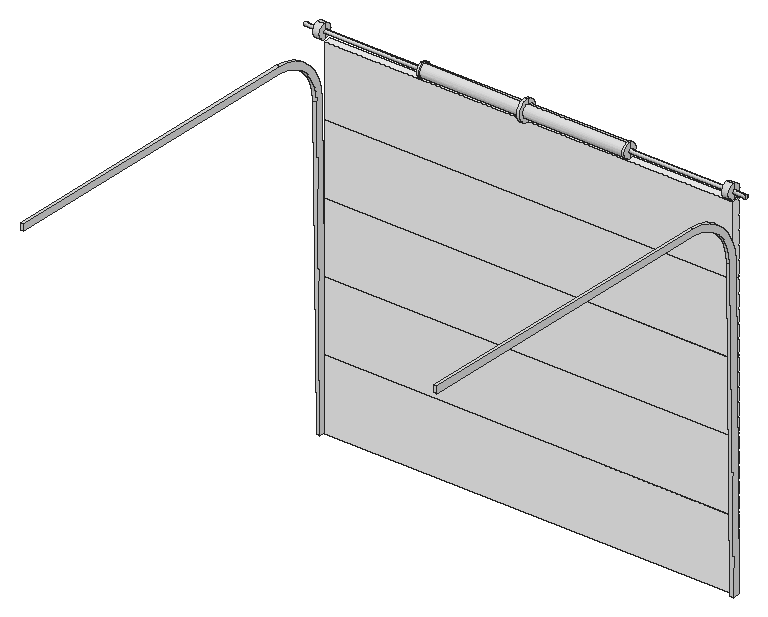
Revit family "Door-Sectional_Model2731_Comcl_Amarr", category Doors, host Wall, Revit 2026
Family settings
  Host = Wall
  Classification Number = 23.30.10.17.37.14
  Always vertical = Yes
  Cut with Voids When Loaded = No
  Shared = No
  Room Calculation Point = No
Parameters (values of type "ByType")
  eb Track Thickness = 0' - 2"
  Track Type [instance] = Track-Horizontal : ByType
  Section Heights XX = 2' - 0"  # constant formula
  Roof Slope for Track XX [instance] = if(Roof Slope for Track < 0.00°, 0.00°, if(Roof Slope for Track > 80.00°, 80.00°, Roof Slope for Track))  # 14.9924°
  Number of Horizontal Windows = 2
  eb Number of Extra Sections = 0
  eb Middle Stile Width = 0' - 2 1/2"
  Roof Slope for Track [instance] = 14.9924°
  Function = Interior
  Door Open = yes
  Cost = 0
  Analytic Construction = "<None>"
  3rd Row Section Type = Section-Backer : ByType
  Track Width = 10' - 3 9/16"
  eb Operator Centerline Offset from Panel Face = 0' - 3.02"
  eb Intermediate Rails = 0' - 1 1/4"
  Has Operator = yes
  eb Shaft Centerline from TO Door = 1' - 0 1/2"
  Panel Width = 10' - 2"
  eb End Stiles = 0' - 3.38"
  Section Heights = if([24" Section Heights], Section Heights XX, 1' 9")  # 1' - 9"
  Number of Panels Above 3rd = if(Number of Sections > 4, Number of Sections - 3, 2)  # 2
  Has Greater Than 4 Sections = Number of Sections > 4  # yes
  Has 4 Sections = Number of Sections = 4  # no
  Door Track Material = Steel - 19 GA galvanized
  Door Glazing = Plexiglas
  Door Gap From Wall Interior = 0' - 0.35"
  URL = "https://www.amarr.com/"
  Thickness = 0' - 2"
  Specification = "https://www.arcat.com/company/amarr-garage-doors-30357/spec"
  Number of Sections = (Height + 0' 9") / Section Heights + eb Number of Extra Sections  # 5
  Operator Material = Metal - Aluminum
  Stile Material = Metal - Aluminum
  Rough Width = 0' - 0"  # constant formula
  Rough Height = 0' - 0"  # constant formula
  Product Data = "http://www.arcat.com/arcatcos/cos30/arc30357.html"
  Green Building-LEED = "https://www.arcat.com/company/amarr-garage-doors-30357/leed"
  Model = "2731"
  Manufacturer = "Amarr Garage Doors"  # constant formula
  Keynote = "08 36 00"
  Height = 8' - 0"
  Wall Closure = By host
  Width = 10' - 0"
  Fire Rating = "As Specified in 08 36 00"
  Door Cladding Material = Steel - 27 GA Exterior_27 GA Interior
  Description = "Door Sectional Model 2731 Commercial"
  Copyright = "© 2021 ARCAT, Inc."  # constant formula
  Construction Details = "https://www.arcat.com/company/amarr-garage-doors-30357/cad"
  Assembly Code = "B2030410"
  5th Row Elevation = Section Heights * 4  # 7' - 0"
  4th Row Elevation = Section Heights * 3  # 5' - 3"
  3nd Row Elevation = Section Heights * 2  # 3' - 6"
  2nd Row Elevation = Section Heights  # 1' - 9"
  24" Section Heights = not([21" Section Heights])  # no
  21" Section Heights = yes
Reference planes (in)
  plane 1 "Center (Front/Back)": y = -33.7392
  plane 2 "Center (Left/Right)": x = 66
  plane 3: z = 0
  plane 4 "Top": z = 96
  plane 5 "Door Face": y = -37.0892
  plane 6 "Right": x = 126
  plane 7 "Left": x = 6
  plane 8 "Operator from Level": z = 108.5
  plane 9 "Operator Centerline": y = -40.1092
  plane 10: x = 129
  plane 11: x = 3
  plane 12 "Closure": y = -36.7392
  plane 13: z = 0
  plane 14: y = -37.0892
  plane 15: y = -37.0892
  plane 16: z = 84
  plane 17: z = 63
  plane 18: y = -37.0892
  plane 19: y = -37.0892
  plane 20: z = 63
  plane 21: z = 84
  plane 22: y = -151.1092
  plane 23: y = -55.1092
Lines and regions (in)
  Opening 1
    outline origin (-109.33485, -36.7392, 0) x (1, 0, 0) y (0, 0, 1)
      loop
        line (115.33485, 0) -> (235.33485, 0) -> (235.33485, 96) -> (115.33485, 96) -> (115.33485, 0)
  Masking region 1
    outline origin (0, 0, 0) x (1, 0, 0) y (0, 1, 0)
      loop
        line (129, -37.0892) -> (3, -37.0892) -> (3, -40.1092) -> (129, -40.1092) -> (129, -37.0892)
  symbolic lines, style "DoorsHiddenLines"
    curve 1: line (3, -151.1092, 0) -> (3, -37.0892, 0)
    curve 2: line (129, -151.1092, 0) -> (3, -151.1092, 0)
    curve 3: line (129, -151.1092, 0) -> (129, -37.0892, 0)
    curve 4: line (129, -37.0892, 0) -> (3, -37.0892, 0)
Text (in)
  text "Exterior" at (57.34449, 27.31104, 0), in view "A101 - Plan View"
  text "Interior" at (57.34449, -78.26009, 0), in view "A101 - Plan View"
  text "Exterior" at (0, 40.15149, 123.01588), in view "Right"
  text "Interior" at (0, -64.39139, 123.01588), in view "Right"
  text "Interior" at (0, -54.15628, 116.57907), in view "Left"
  text "Exterior" at (0, 0.75032, 116.57907), in view "Left"
Dimensions and locks (in)
  "Height": plane 4 "Top" to level
  "Door Gap From Wall Interior": plane 5 "Door Face" to host wall
  equal spacing: plane 6 "Right", plane 2 "Center (Left/Right)", plane 7 "Left"
  "Width": plane 7 "Left" to plane 6 "Right"
  "eb Shaft Centerline from TO Door": plane 8 "Operator from Level" to plane 4 "Top"
  "eb Operator Centerline Offset from Panel Face": plane 5 "Door Face" to plane 9 "Operator Centerline"
  locked: plane 11 to plane 7 "Left" at 3
  locked: plane 6 "Right" to plane 10 at 3
  group 1 to group 2 = 0' - 0"  (x2)
  group 1 to group 2 = 1' - 9"
  "4th Row Elevation": level to plane 20
  "5th Row Elevation": level to plane 21
  plane 9 "Operator Centerline" to plane 22 = 9' - 3"
  locked: plane 9 "Operator Centerline" to plane 23 at 15
  "Height": plane 23 to plane 22
  aligned and locked: Opening 1 sketch curve to level
  aligned and locked: plane 4 "Top" to Opening 1 sketch curve
  aligned and locked: Opening 1 sketch curve to plane 6 "Right"
  aligned and locked: host wall to plane 1 "Center (Front/Back)"
  aligned and locked: host wall to plane 12 "Closure"
  aligned and locked: plane 2 "Center (Left/Right)" to nested 1
  aligned and locked: plane 2 "Center (Left/Right)" to nested 2
  aligned and locked: plane 5 "Door Face" to plane 14
  aligned and locked: plane 5 "Door Face" to nested 3
  aligned and locked: plane 5 "Door Face" to plane 15
  aligned and locked: plane 17 to plane 20
  aligned and locked: plane 16 to plane 21
  aligned and locked: plane 5 "Door Face" to nested 2
  aligned and locked: plane 5 "Door Face" to nested 7
  aligned and locked: plane 5 "Door Face" to plane 18
  aligned and locked: plane 5 "Door Face" to plane 19
  aligned and locked: plane 2 "Center (Left/Right)" to nested 7
  aligned and locked: nested 4 to nested 7
  aligned and locked: plane 2 "Center (Left/Right)" to nested 6
  aligned and locked: plane 5 "Door Face" to nested 1
  aligned and locked: plane 5 "Door Face" to nested 6
  aligned and locked: plane 2 "Center (Left/Right)" to nested 8
  aligned and locked: nested 8 to plane 9 "Operator Centerline"
  aligned and locked: curve 1 to plane 11
  aligned and locked: curve 2 to plane 22
  aligned and locked: curve 3 to plane 10
  aligned and locked: Masking region 1 sketch curve to plane 11
  aligned and locked: Masking region 1 sketch curve to plane 10
  aligned and locked: Masking region 1 sketch curve to plane 9 "Operator Centerline"
  aligned and locked: Masking region 1 sketch curve to plane 15
  aligned and locked: curve 4 to plane 15
Automatic sketch dimensions
  Opening 1 sketch curve to plane 7 "Left" = 0' - 0"
Nested families (in)
  nested 1: "Section-Backer" at (54, -37.0892, 0), visible <- "Door Open", 21" Section Height <- "21" Section Heights", type "ByType"
    with X1_24 0' - 2", X1_21 0' - 0 1/2", Reveal Count 6, HeightX1 2' - 0", Height 1' - 9", Groove Spacing 0' - 4", 5X1 0' - 5", 5 Inch Groove no, 4 Inch Groove yes, 24" Section Height no, 21" Section Height yes, Width 10' - 2"
  nested 2: "Section-Backer" at (54, -37.0892, 21), built-in parameter 1001364 <- "2nd Row Elevation", visible <- "Door Open", 21" Section Height <- "21" Section Heights", type "ByType"
    with X1_24 0' - 2", X1_21 0' - 0 1/2", Reveal Count 6, HeightX1 2' - 0", Height 1' - 9", Groove Spacing 0' - 4", 5X1 0' - 5", 5 Inch Groove no, 4 Inch Groove yes, 24" Section Height no, 21" Section Height yes, Width 10' - 2"
  nested 3: "Track-Horizontal" at (54, -37.0892, 0), type <- "Track Type", type "ByType"
    with Right Track Offset from Center 5' - 1 25/32", Left Track Offset from Center -5' - 1 25/32", Track Height 8' - 9 1/4", Tracks Center to Center Width 10' - 3 9/16", Horizontal Track Length 9' - 6", Door Height 8' - 0"
  nested 4: "Section-Backer" at (54, -37.0892, 63), visible <- "Has Greater Than 4 Sections", 21" Section Height <- "21" Section Heights", type "ByType"
    with X1_24 0' - 2", X1_21 0' - 0 1/2", Reveal Count 6, HeightX1 2' - 0", Height 1' - 9", Groove Spacing 0' - 4", 5X1 0' - 5", 5 Inch Groove no, 4 Inch Groove yes, 24" Section Height no, 21" Section Height yes, Width 10' - 2"
  nested 5: "Section-Backer" at (54, -37.0892, 84), visible <- "Has Greater Than 4 Sections", 21" Section Height <- "21" Section Heights", type "ByType"
    with X1_24 0' - 2", X1_21 0' - 0 1/2", Reveal Count 6, HeightX1 2' - 0", Height 1' - 9", Groove Spacing 0' - 4", 5X1 0' - 5", 5 Inch Groove no, 4 Inch Groove yes, 24" Section Height no, 21" Section Height yes, Width 10' - 2"
  nested 6: "Section-Backer" at (54, -37.0892, 42), built-in parameter 1001364 <- "3nd Row Elevation", visible <- "Door Open", type <- "3rd Row Section Type", type "ByType"
    with X1_24 0' - 2", X1_21 0' - 0 1/2", Reveal Count 6, HeightX1 2' - 0", Height 1' - 9", Groove Spacing 0' - 4", 5X1 0' - 5", 5 Inch Groove no, 4 Inch Groove yes, 24" Section Height no, 21" Section Height yes, Width 10' - 2"
  nested 7: "Section-Backer" at (54, -37.0892, 63), built-in parameter 1001364 <- "4th Row Elevation", visible <- "Has 4 Sections", 21" Section Height <- "21" Section Heights", type "ByType"
    with X1_24 0' - 2", X1_21 0' - 0 1/2", Reveal Count 6, HeightX1 2' - 0", Height 1' - 9", Groove Spacing 0' - 4", 5X1 0' - 5", 5 Inch Groove no, 4 Inch Groove yes, 24" Section Height no, 21" Section Height yes, Width 10' - 2"
  nested 8: "Torsion Assy" at (71.68308, -40.1092, 108.5), visible <- "Has Operator", Width <- "Width", type "10,000 Cycles"
    with Width 10' - 0", Reel to Reel Width 10' - 2"
Definition of nested family "Section-Backer"
  Parameters (values of type "ByType")
    X1_24 [instance] = 0' - 2"  # constant formula
    X1_21 [instance] = if([24" Section Height], X1_24, 0' 0 1/2")  # 0' - 0 1/2"
    Width = 10' - 4"
    Reveal Count [instance] = HeightX1 / Groove Spacing  # 6
    Material = none
    HeightX1 [instance] = 2' - 0"  # constant formula
    Height [instance] = if([24" Section Height], HeightX1, 1' 9")  # 1' - 9"
    Door Panel = yes
    Assembly Code = ""
    Thickness = 0' - 2"
    Analytic Construction = "<None>"
    5X1 [instance] = 0' - 5"  # constant formula
    5 Inch Groove [instance] = not([4 Inch Groove])  # no
    Groove Spacing [instance] = if([5 Inch Groove], [5X1], 0' 4")  # 0' - 4"
    4 Inch Groove [instance] = yes
    24" Section Height [instance] = not([21" Section Height])  # no
    21" Section Height [instance] = yes
  Reference planes (in)
    plane 1 "Front": y = 0
    plane 2: z = 0
    plane 3 "Center (Left/Right)": x = 12
    plane 4: x = 74
    plane 5: z = 21
    plane 6: x = -50
    plane 7: x = -50
    plane 8: x = 74
    plane 9 "Back": y = -2
  Forms (in)
    Extrusion 1, solid, material <- "Material", visible <- "Door Panel"
      sketch origin (12, 0, 0) x (0, 1, 0) y (0, 0, 1)
        loop
          line (-2, 21) -> (-2, 0) -> (0, 0) -> (0, 21) -> (-2, 21)
      from -62 to 62
    Sweep 2, void
      path in 3D
        loop
          line (209, 0, 20.5) -> (-179, 0, 20.5)
      profile origin (15, 0, 20.5) x (0, 0, -1) y (0, -1, 0)
        loop
          line (0.33099, 0) -> (0.19462, 0.15385) -> (-0.19462, 0.15385) -> (-0.33099, 0) -> (0.33099, 0)
    Sweep 3, void
      path in 3D
        loop
          line (209, 0, 0.5) -> (-179, 0, 0.5)
      profile origin (15, 0, 0.5) x (0, 0, -1) y (0, -1, 0)
        loop
          line (0.33099, 0) -> (0.19462, 0.15385) -> (-0.19462, 0.15385) -> (-0.33099, 0) -> (0.33099, 0)
    Sweep 4, void
      path in 3D
        loop
          line (209, 0, 16.5) -> (-179, 0, 16.5)
      profile origin (15, 0, 16.5) x (0, 0, -1) y (0, -1, 0)
        loop
          line (0.33099, 0) -> (0.19462, 0.15385) -> (-0.19462, 0.15385) -> (-0.33099, 0) -> (0.33099, 0)
    Sweep 5, void
      path in 3D
        loop
          line (209, 0, 12.5) -> (-179, 0, 12.5)
      profile origin (15, 0, 12.5) x (0, 0, -1) y (0, -1, 0)
        loop
          line (0.33099, 0) -> (0.19462, 0.15385) -> (-0.19462, 0.15385) -> (-0.33099, 0) -> (0.33099, 0)
    Sweep 6, void
      path in 3D
        loop
          line (209, 0, 8.5) -> (-179, 0, 8.5)
      profile origin (15, 0, 8.5) x (0, 0, -1) y (0, -1, 0)
        loop
          line (0.33099, 0) -> (0.19462, 0.15385) -> (-0.19462, 0.15385) -> (-0.33099, 0) -> (0.33099, 0)
    Sweep 7, void
      path in 3D
        loop
          line (209, 0, 4.5) -> (-179, 0, 4.5)
      profile origin (15, 0, 4.5) x (0, 0, -1) y (0, -1, 0)
        loop
          line (0.33099, 0) -> (0.19462, 0.15385) -> (-0.19462, 0.15385) -> (-0.33099, 0) -> (0.33099, 0)
  Cuts and joins
    Sweep 2, Sweep 3, Sweep 4, Sweep 5, Sweep 6, Sweep 7 cuts Extrusion 1
  Lines and regions (in)
    reference lines
      curve 1: line (209, 0, 20.5) -> (-179, 0, 20.5)
      curve 3: line (209, 0, 0.5) -> (-179, 0, 0.5)
      curve 5: line (209, 0, 16.5) -> (-179, 0, 16.5)
      curve 7: line (209, 0, 12.5) -> (-179, 0, 12.5)
      curve 9: line (209, 0, 8.5) -> (-179, 0, 8.5)
      curve 11: line (209, 0, 4.5) -> (-179, 0, 4.5)
    sketch lines
      curve 2: line (209, 0, 20.5) -> (-179, 0, 20.5)
      curve 4: line (209, 0, 0.5) -> (-179, 0, 0.5)
      curve 6: line (209, 0, 16.5) -> (-179, 0, 16.5)
      curve 8: line (209, 0, 12.5) -> (-179, 0, 12.5)
      curve 10: line (209, 0, 8.5) -> (-179, 0, 8.5)
      curve 12: line (209, 0, 4.5) -> (-179, 0, 4.5)
  Dimensions and locks (in)
    "Height": plane 5 to level
    equal spacing: plane 6, plane 3 "Center (Left/Right)", plane 4
    "Width": plane 6 to plane 4
    plane 3 "Center (Left/Right)" to plane 7 = 5' - 2"
    plane 3 "Center (Left/Right)" to plane 8 = 5' - 2"
    "Thickness": plane 9 "Back" to plane 1 "Front"
    "X1_21": plane 5 to curve 1
    equal spacing: group 1, group 3, group 4, group 5, group 6, group 2  (x2)
    equal spacing: group 2, group 6, group 5, group 4, group 3, group 1
    "X1_21": curve 3 to level
    plane 8 to curve 1 = 11' - 3"
    plane 7 to curve 1 = 10' - 9"
    curve 5 to curve 7 = 0' - 4"
    aligned and locked: Extrusion 1 to plane 4
    aligned and locked: plane 6 to Extrusion 1
    aligned and locked: plane 9 "Back" to cut or joined group of Extrusion 1, Sweep 2, Sweep 3, Sweep 4, Sweep 5, Sweep 6, Sweep 7
    aligned and locked: plane 8 to plane 4
    aligned and locked: plane 7 to plane 6
    aligned and locked: level to Extrusion 1 sketch curve
    aligned and locked: plane 5 to Extrusion 1 sketch curve
    aligned and locked: plane 9 "Back" to Extrusion 1 sketch curve
    aligned and locked: Extrusion 1 sketch curve to plane 1 "Front"
  Automatic sketch dimensions
    Sweep 2 sketch curve to profile plane = 0' - 0"
    profile plane to Sweep 2 sketch curve = 0' - 0.33099"
    profile plane to Sweep 2 sketch curve = 0' - 0.19462"
    Sweep 2 sketch curve to profile plane = 0' - 0.19462"
    Sweep 2 sketch curve to Sweep 2 sketch curve = 0' - 0.13636"
    profile plane to Sweep 2 sketch curve = 0' - 0.15385"
    curve 1 to curve 1 = 32' - 4"  (x2)
    Sweep 3 sketch curve to profile plane = 0' - 0"
    profile plane to Sweep 3 sketch curve = 0' - 0.33099"
    profile plane to Sweep 3 sketch curve = 0' - 0.19462"
    Sweep 3 sketch curve to profile plane = 0' - 0.19462"
    Sweep 3 sketch curve to Sweep 3 sketch curve = 0' - 0.13636"
    profile plane to Sweep 3 sketch curve = 0' - 0.15385"
    Sweep 4 sketch curve to profile plane = 0' - 0"
    profile plane to Sweep 4 sketch curve = 0' - 0.33099"
    profile plane to Sweep 4 sketch curve = 0' - 0.19462"
    Sweep 4 sketch curve to profile plane = 0' - 0.19462"
    Sweep 4 sketch curve to Sweep 4 sketch curve = 0' - 0.13636"
    profile plane to Sweep 4 sketch curve = 0' - 0.15385"
    Sweep 5 sketch curve to profile plane = 0' - 0"
    profile plane to Sweep 5 sketch curve = 0' - 0.33099"
    profile plane to Sweep 5 sketch curve = 0' - 0.19462"
    Sweep 5 sketch curve to profile plane = 0' - 0.19462"
    Sweep 5 sketch curve to Sweep 5 sketch curve = 0' - 0.13636"
    profile plane to Sweep 5 sketch curve = 0' - 0.15385"
    Sweep 6 sketch curve to profile plane = 0' - 0"
    profile plane to Sweep 6 sketch curve = 0' - 0.33099"
    profile plane to Sweep 6 sketch curve = 0' - 0.19462"
    Sweep 6 sketch curve to profile plane = 0' - 0.19462"
    Sweep 6 sketch curve to Sweep 6 sketch curve = 0' - 0.13636"
    profile plane to Sweep 6 sketch curve = 0' - 0.15385"
    curve 3 to curve 3 = 32' - 4"
    curve 5 to curve 5 = 32' - 4"
    curve 7 to curve 7 = 32' - 4"
    curve 9 to curve 9 = 32' - 4"
    Sweep 7 sketch curve to profile plane = 0' - 0"
    profile plane to Sweep 7 sketch curve = 0' - 0.33099"
    profile plane to Sweep 7 sketch curve = 0' - 0.19462"
    Sweep 7 sketch curve to profile plane = 0' - 0.19462"
    Sweep 7 sketch curve to Sweep 7 sketch curve = 0' - 0.13636"
    profile plane to Sweep 7 sketch curve = 0' - 0.15385"
    curve 11 to curve 11 = 32' - 4"
Definition of nested family "Track-Horizontal"
  Parameters
    Track Thickness = 0' - 2"
    Right Track Offset from Center = Tracks Center to Center Width * 0.5  # 5' - 2 25/32"
    Left Track Offset from Center = Tracks Center to Center Width * -0.5  # -5' - 2 25/32"
    Track Material = none
    Track Height = Door Height + 0' 9 1/4"  # 10' - 9 1/4"
    Tracks Center to Center Width = 10' - 5 9/16"
    Horizontal Track Length = Door Height + 1' 6"  # 11' - 6"
    Door Height = 10' - 0"
    Assembly Code = ""
  Reference planes (in)
    plane 1 "Front": y = 0
    plane 2: z = 0
    plane 3 "Center (Left/Right)": x = 12
    plane 4: x = -49.78
    plane 5: x = 73.78
    plane 6: x = -49.78
  Forms (in)
    Sweep 1, solid, material <- "Track Material"
      path in 3D
        loop
          line (12, -138, 129.25) -> (12, -18.20346, 129.25)
          arc (12, -18.20346, 129.25) -> (12, -7.30999, 124.77644) -> (12, -2.7046, 113.93804) r 15.5
          line (12, -2.7046, 113.93804) -> (12, -1.35044, 0.0734)
      profile "Profile-Track : Profile-Track" origin (12, -78.10173, 129.25) x (0, 0, 1) y (1, 0, 0)
        loop
          line (-2, 62.28125) -> (0, 62.28125) -> (0, 63.28125) -> (-2, 63.28125) -> (-2, 62.28125)
    Sweep 2, solid, material <- "Track Material"
      path in 3D
        loop
          line (12, -138, 129.25) -> (12, -18.20346, 129.25)
          arc (12, -18.20346, 129.25) -> (12, -7.30999, 124.77644) -> (12, -2.7046, 113.93804) r 15.5
          line (12, -2.7046, 113.93804) -> (12, -1.35044, 0.0734)
      profile "Profile-Track : Profile-Track" origin (12, -78.10173, 129.25) x (0, 0, 1) y (1, 0, 0)
        loop
          line (-2, -63.28125) -> (0, -63.28125) -> (0, -62.28125) -> (-2, -62.28125) -> (-2, -63.28125)
  Lines and regions (in)
    reference lines
      curve 1: line (12, -1.35044, 0.0734) -> (12, -2.7046, 113.93804)
      curve 2: line (12, -138, 129.25) -> (12, -18.20346, 129.25)
      curve 3: arc (12, -18.20346, 129.25) -> (12, -7.30999, 124.77644) -> (12, -2.7046, 113.93804) r 15.5
    sketch lines
      curve 4: line (12, -138, 129.25) -> (12, -18.20346, 129.25)
      curve 5: arc (12, -18.20346, 129.25) -> (12, -7.30999, 124.77644) -> (12, -2.7046, 113.93804) r 15.5
      curve 6: line (12, -1.35044, 0.0734) -> (12, -2.7046, 113.93804)
      curve 7: line (12, -138, 129.25) -> (12, -18.20346, 129.25)
      curve 8: arc (12, -18.20346, 129.25) -> (12, -7.30999, 124.77644) -> (12, -2.7046, 113.93804) r 15.5
      curve 9: line (12, -1.35044, 0.0734) -> (12, -2.7046, 113.93804)
    symbolic lines
      curve 10: line (11.75, 0, 0) -> (12.25, 0, 0)
  Dimensions and locks (in)
    "Track Height": curve 2 to level
    plane 5 to curve 3 = 5' - 1.78"
    "Horizontal Track Length": plane 1 "Front" to curve 2
  Automatic sketch dimensions
    level to curve 1 = 0' - 0.0734"
    curve 3 to curve 2 = 1' - 3 1/2"
    plane 1 "Front" to curve 3 = 1' - 6.20346"
    plane 1 "Front" to curve 1 = 0' - 2.7046"
    plane 1 "Front" to curve 1 = 0' - 1.35044"
    curve 10 to plane 1 "Front" = 0' - 0"
    curve 10 to plane 3 "Center (Left/Right)" = 0' - 0 1/4"
    plane 3 "Center (Left/Right)" to curve 10 = 0' - 0 1/4"
Definition of nested family "Torsion Assy"
  Parameters
    Reel to Reel Width [instance] = Width + 0' 2"  # 10' - 4"
    Width [instance] = 10' - 2"
    Material = none
    Default Elevation = 0' - 0"
    Assembly Code = ""
  Reference planes (in)
    plane 1 "Center (Front/Back)": y = 0
    plane 2: z = 0
    plane 3 "Center (Left/Right)": x = -5.68308
    plane 4: x = -67.68308
    plane 5: x = 56.31692
  Forms (in)
    Revolve 1, solid, material <- "Material"
      sketch origin (0.00391, 0, -132.5) x (0, 0, -1) y (-1, 0, 0)
        loop
          line (-132.5, 72.68698) -> (-133, 72.68698) -> (-133, 68.74298) -> (-134.578, 68.74298) -> (-134.578, 66.80548) -> (-133, 66.80548) -> (-133, 36.68156) -> (-134.62517, 36.68156) -> (-134.62517, 36.05747) -> (-134.40625, 36.05747) -> (-134.40625, 6.08698) -> (-135.50017, 6.08698) -> (-135.50017, 5.28698) -> (-134.40625, 5.28698) -> (-134.40625, -24.6835) -> (-134.62517, -24.6835) -> (-134.62517, -25.30759) -> (-133, -25.30759) -> (-133, -55.43152) -> (-134.578, -55.43152) -> (-134.578, -57.36902) -> (-133, -57.36902) -> (-133, -61.31302) -> (-132.5, -61.31302) -> (-132.5, 72.68698)
        axis (-132.5, 72.68698) -> (-132.5, -61.31302)
      angle from 0 to 360
  Dimensions and locks (in)
    equal spacing: plane 4, plane 3 "Center (Left/Right)", plane 5
    "Reel to Reel Width": plane 4 to plane 5
    Revolve 1 sketch curve to plane 4 to Revolve 1 sketch curve = 0' - 1.056" locked, 0' - 0.8815" locked
    locked: Revolve 1 sketch curve to plane 4 at 5
    locked: plane 3 "Center (Left/Right)" to Revolve 1 sketch curve at 30.99458  (x2)
    locked: plane 5 to Revolve 1 sketch curve at 5
    Revolve 1 sketch curve to plane 5 to Revolve 1 sketch curve = 0' - 1.056" locked, 0' - 0.8815" locked
    aligned and locked: plane 1 "Center (Front/Back)" to Revolve 1
  Automatic sketch dimensions
    Revolve 1 sketch curve to level = 0' - 0"  (x2)
    level to Revolve 1 sketch curve = 0' - 0 1/2"  (x3)
    Revolve 1 sketch curve to Revolve 1 sketch curve = 0' - 0 1/2"
    Revolve 1 sketch curve to Revolve 1 sketch curve = 0' - 1 13/32"  (x2)
    Revolve 1 sketch curve to Revolve 1 sketch curve = 0' - 1.578"  (x2)
    Revolve 1 sketch curve to Revolve 1 sketch curve = 0' - 0.21892"  (x2)
    Revolve 1 sketch curve to plane 3 "Center (Left/Right)" = 0' - 0.4"
    Revolve 1 sketch curve to Revolve 1 sketch curve = 0' - 1.09392"
    Revolve 1 sketch curve to Revolve 1 sketch curve = 5' - 7.08868"
    Revolve 1 sketch curve to Revolve 1 sketch curve = 0' - 7.24948"
    Revolve 1 sketch curve to Revolve 1 sketch curve = 0' - 0.62409"  (x2)
    plane 3 "Center (Left/Right)" to Revolve 1 sketch curve = 0' - 0.4"
